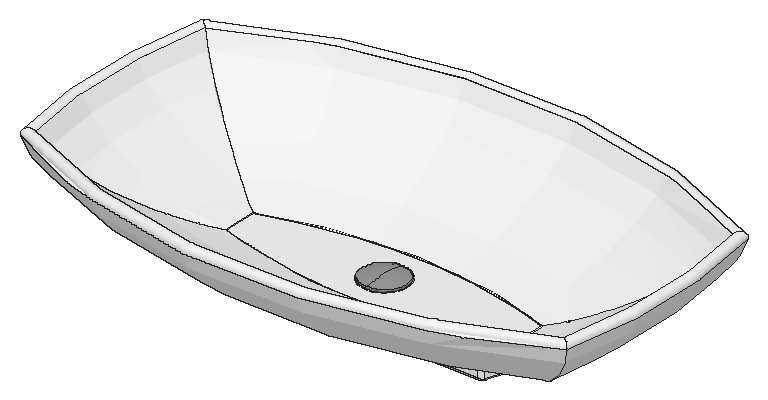
Revit family "Ca Tron", category Plumbing Fixtures, Revit 2013
Parameters (values of type "Ca Tron")
  URL = "http://www.yepsketch.com/"
  Product Code = "LVR210"
  Model = "Ca Tron"
  Material = Ceramic
  Manufacturer = "StudioBagno"
  Dimensions = "600 x 380 x 115 mm"
  Cost = 599
  Author = "YEPSKETCH"
  Assembly Code = "D2010310"
Reference planes
  plane 1: z = 0
  plane 2 "Center (Left/Right)": x = 0
  plane 3: z = 116.263
  plane 4: y = 139.514
Forms (mm)
  Sweep 1, solid, material "Ceramic" <- "Material"
    path origin (-212.435, -1524, 116.263) x (-1, 0, 0) y (0, -1, 0)
      loop
        arc (73.731, -1544.92) -> (-212.435, -1471.395) -> (-498.602, -1544.92) r 593.659
        arc (-498.602, -1544.92) -> (-511.846, -1663.514) -> (-498.602, -1782.109) r 537.6
        arc (-498.602, -1782.109) -> (-212.435, -1855.633) -> (73.731, -1782.109) r 593.659
        arc (73.731, -1782.109) -> (86.996, -1663.514) -> (73.731, -1544.92) r 536.779
    profile origin (0, -52.605, 116.263) x (0, 1, 0) y (0, 0, 1)
      loop
        spline (0.881, -9.698) -> (2.619, -16.011) -> (5.831, -23.135) -> (10.615, -30.928) -> (17.068, -39.247) -> (25.286, -47.95) -> (35.368, -56.894) -> (47.409, -65.937) -> (61.508, -74.935) -> (77.762, -83.747) -> (96.267, -92.229) -> (117.122, -100.24) -> (140.422, -107.636)
        line (140.422, -107.636) -> (148.188, -94.184)
        spline (148.188, -94.184) -> (130.923, -89.476) -> (114.137, -83.554) -> (98.009, -76.635) -> (82.718, -68.941) -> (68.443, -60.689) -> (55.363, -52.099) -> (43.656, -43.39) -> (33.502, -34.782) -> (25.08, -26.493) -> (18.568, -18.743) -> (14.144, -11.751) -> (11.989, -5.736)
        arc (11.989, -5.736) -> (4.704, -2.864) -> (0.881, -9.698) r 5.951
  Blend 2, solid, material "Ceramic" <- "Material"
    base sketch origin (0, 0, 0) x (1, 0, 0) y (0, 1, 0)
      loop
        arc (158.313, 116.365) -> (158.988, 139.514) -> (158.313, 162.663) r 397.178
        arc (158.313, 162.663) -> (-0.011, 191.211) -> (-158.333, 162.656) r 453.237
        arc (-158.333, 162.656) -> (-159.009, 139.514) -> (-158.333, 116.373) r 396.357
        arc (-158.333, 116.373) -> (-0.011, 87.817) -> (158.313, 116.365) r 453.237
    top sketch origin (0, 0, 0) x (1, 0, 0) y (0, 1, 0)
      loop
        arc (-150.844, 121.9) -> (-0.011, 95.583) -> (150.823, 121.892) r 445.47
        arc (150.823, 121.892) -> (151.222, 139.514) -> (150.823, 157.136) r 389.412
        arc (150.823, 157.136) -> (-0.011, 183.445) -> (-150.844, 157.128) r 445.47
        arc (-150.844, 157.128) -> (-151.243, 139.514) -> (-150.844, 121.9) r 388.591
    from 8.627 to 22.079
  Extrusion 3, void
    sketch origin (-212.435, -1524, 116.263) x (0, -1, 0) y (-1, 0, 0)
      loop
        circle (-1663.514, -212.435) r 24.135
    from 0 to 250
  Revolve 4, solid, material "Ceramic" <- "Material"
    sketch origin (0, 0, 0) x (0, 1, 0) y (0, 0, 1)
      loop
        line (161.669, 20.099) -> (161.669, 8.627) -> (163.649, 8.627) -> (163.649, 22.079)
        arc (163.649, 22.079) -> (162.249, 21.499) -> (161.669, 20.099) r 1.98
      axis (139.514, 22.079) -> (139.514, 8.627)
    angle from 0 to 360
  Extrusion 5, solid, material "Ceramic" <- "Material"
    sketch origin (0, 0, 0) x (1, 0, 0) y (0, 1, 0)
      loop
        arc (145.936, 190.705) -> (143.994, 192.87) -> (141.175, 193.587) r 5
        arc (141.175, 193.587) -> (0, 190.345) -> (-141.175, 193.587) r 3075.125
        arc (-141.175, 193.587) -> (-143.994, 192.87) -> (-145.936, 190.705) r 5
        arc (-145.936, 190.705) -> (-157.286, 139.514) -> (-145.936, 88.323) r 121.119
        arc (-145.936, 88.323) -> (-143.994, 86.158) -> (-141.175, 85.441) r 5
        arc (-141.175, 85.441) -> (0, 88.684) -> (141.175, 85.441) r 3075.125
        arc (141.175, 85.441) -> (143.994, 86.158) -> (145.936, 88.323) r 5
        arc (145.936, 88.323) -> (157.286, 139.514) -> (145.936, 190.705) r 121.119
      loop
        circle (0, 139.514) r 24.135
    from 0 to 17.182
  Sweep 6, void
    path in 3D
      loop
        arc (141.175, 85.441, 0) -> (143.994, 86.158, 0) -> (145.936, 88.323, 0) r 5
        arc (145.936, 88.323, 0) -> (157.286, 139.514, 0) -> (145.936, 190.705, 0) r 121.119
        arc (145.936, 190.705, 0) -> (143.994, 192.87, 0) -> (141.175, 193.587, 0) r 5
        arc (141.175, 193.587, 0) -> (0, 190.345, 0) -> (-141.175, 193.587, 0) r 3075.125
        arc (-141.175, 193.587, 0) -> (-143.994, 192.87, 0) -> (-145.936, 190.705, 0) r 5
        arc (-145.936, 190.705, 0) -> (-157.286, 139.514, 0) -> (-145.936, 88.323, 0) r 121.119
        arc (-145.936, 88.323, 0) -> (-143.994, 86.158, 0) -> (-141.175, 85.441, 0) r 5
        arc (-141.175, 85.441, 0) -> (0, 88.684, 0) -> (141.175, 85.441, 0) r 3075.125
    profile origin (0, 88.684, 0) x (0, -1, 0) y (0, 0, -1)
      loop
        line (0, -1.513) -> (0, 0) -> (-1.513, 0)
        arc (-1.513, 0) -> (-0.443, -0.443) -> (0, -1.513) r 1.513
  Revolve 7, solid, material "Steel, Chrome Plated", detail levels fine
    sketch origin (0, 0, 1.25) x (0, 1, 0) y (0, 0, 1)
      loop
        arc (116.374, 22.349) -> (115.894, 21.634) -> (116.541, 21.066) r 0.652
        line (116.541, 21.066) -> (139.514, 21.066) -> (139.514, 25.364)
        arc (139.514, 25.364) -> (127.846, 24.607) -> (116.374, 22.349) r 90.304
      axis (139.514, 25.364) -> (139.514, 21.066)
    angle from 0 to 360
Cuts and joins
  Extrusion 3 cuts Blend 2
  Sweep 6 cuts Extrusion 5
Lines and regions (mm)
  sketch lines
    curve 1: arc (-141.175, 85.441, 0) -> (0, 88.684, 0) -> (141.175, 85.441, 0) r 3075.125
    curve 2: arc (-145.936, 88.323, 0) -> (-143.994, 86.158, 0) -> (-141.175, 85.441, 0) r 5
    curve 3: arc (-145.936, 190.705, 0) -> (-157.286, 139.514, 0) -> (-145.936, 88.323, 0) r 121.119
    curve 4: arc (-141.175, 193.587, 0) -> (-143.994, 192.87, 0) -> (-145.936, 190.705, 0) r 5
    curve 5: arc (141.175, 193.587, 0) -> (0, 190.345, 0) -> (-141.175, 193.587, 0) r 3075.125
    curve 6: arc (145.936, 190.705, 0) -> (143.994, 192.87, 0) -> (141.175, 193.587, 0) r 5
    curve 7: arc (145.936, 88.323, 0) -> (157.286, 139.514, 0) -> (145.936, 190.705, 0) r 121.119
    curve 8: arc (141.175, 85.441, 0) -> (143.994, 86.158, 0) -> (145.936, 88.323, 0) r 5
  symbolic lines
    curve 9: arc (285.395, 257.528, 116.263) -> (0, 330.752, 116.263) -> (-285.395, 257.528, 116.263) r 592.778
    curve 10: arc (-285.395, 21.501, 116.263) -> (0, -51.724, 116.263) -> (285.395, 21.501, 116.263) r 592.778
    curve 11: arc (-285.395, 257.528, 116.263) -> (-298.551, 139.514, 116.263) -> (-285.395, 21.501, 116.263) r 535.898
    curve 12: arc (285.395, 21.501, 116.263) -> (298.53, 139.514, 116.263) -> (285.395, 257.528, 116.263) r 536.72
    curve 13: arc (275.637, 250.189, 116.263) -> (287.422, 139.514, 116.263) -> (275.637, 28.839, 116.263) r 525.611
    curve 14: arc (275.637, 28.839, 116.263) -> (-0.001, -40.616, 116.263) -> (-275.64, 28.84, 116.263) r 581.67
    curve 15: arc (-275.64, 28.84, 116.263) -> (-287.442, 139.514, 116.263) -> (-275.64, 250.188, 116.263) r 524.79
    curve 16: arc (-275.64, 250.188, 116.263) -> (-0.001, 319.644, 116.263) -> (275.637, 250.189, 116.263) r 581.67
    curve 17: arc (-158.333, 162.656, 116.263) -> (-0.011, 191.211, 116.263) -> (158.313, 162.663, 116.263) r 453.237
    curve 18: arc (158.313, 116.365, 116.263) -> (-0.011, 87.817, 116.263) -> (-158.333, 116.373, 116.263) r 453.237
    curve 19: arc (-158.333, 116.373, 116.263) -> (-159.009, 139.514, 116.263) -> (-158.333, 162.656, 116.263) r 396.357
    curve 20: arc (158.313, 162.663, 116.263) -> (158.988, 139.514, 116.263) -> (158.313, 116.365, 116.263) r 397.178
Dimensions and locks
  aligned and locked: level to plane 1
